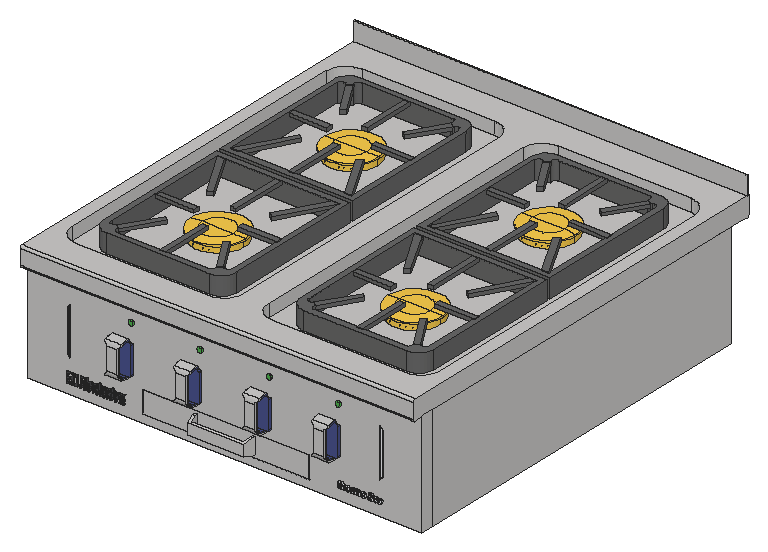
Revit family "QF_ELECTROLUXPROFESSIONAL_593106_MBGGBBHOVI", category Specialty Equipment, Revit 2014 (continued)
Definition of nested family "Therma_One_Burner_Long"
  Forms (mm)
    Extrusion 14, void
      sketch origin (135.834, 160.792, -885.234) x (0.642788, 0.766044, 0) y (0, 0, 1)
        loop
          circle (-213.495, 891.283) r 1
      from -67.69 to -35.114
    Extrusion 15, void
      sketch origin (102.889, 183.778, -885.234) x (0.48481, 0.87462, 0) y (0, 0, 1)
        loop
          circle (-213.495, 891.283) r 1
      from -67.69 to -35.114
    Extrusion 16, void
      sketch origin (66.163, 200.056, -885.234) x (0.309017, 0.951057, 0) y (0, 0, 1)
        loop
          circle (-213.495, 891.283) r 1
      from -67.69 to -35.114
    Extrusion 17, void
      sketch origin (-52.811, 204.011, -885.234) x (-0.258819, 0.965926, 0) y (0, 0, 1)
        loop
          circle (-213.495, 891.283) r 1
      from -67.69 to -35.114
    Extrusion 18, void
      sketch origin (-90.537, 190.209, -885.234) x (-0.438371, 0.898794, 0) y (0, 0, 1)
        loop
          circle (-213.495, 891.283) r 1
      from -67.69 to -35.114
    Extrusion 19, void
      sketch origin (-124.936, 169.461, -885.234) x (-0.601815, 0.798636, 0) y (0, 0, 1)
        loop
          circle (-213.495, 891.283) r 1
      from -67.69 to -35.114
    Extrusion 20, void
      sketch origin (-154.744, 142.531, -885.234) x (-0.743145, 0.669131, 0) y (0, 0, 1)
        loop
          circle (-213.495, 891.283) r 1
      from -67.69 to -35.114
    Extrusion 21, void
      sketch origin (-178.866, 110.408, -885.234) x (-0.857167, 0.515038, 0) y (0, 0, 1)
        loop
          circle (-213.495, 891.283) r 1
      from -67.69 to -35.114
    Extrusion 22, void
      sketch origin (-196.416, 74.272, -885.234) x (-0.939693, 0.34202, 0) y (0, 0, 1)
        loop
          circle (-213.495, 891.283) r 1
      from -67.69 to -35.114
    Extrusion 23, void
      sketch origin (-204.521, -44.491, -885.234) x (-0.97437, -0.224951, 0) y (0, 0, 1)
        loop
          circle (-213.495, 891.283) r 1
      from -67.69 to -35.114
    Extrusion 24, void
      sketch origin (-192.043, -82.676, -885.234) x (-0.913545, -0.406737, 0) y (0, 0, 1)
        loop
          circle (-213.495, 891.283) r 1
      from -67.69 to -35.114
    Extrusion 25, void
      sketch origin (-172.509, -117.778, -885.234) x (-0.819152, -0.573576, 0) y (0, 0, 1)
        loop
          circle (-213.495, 891.283) r 1
      from -67.69 to -35.114
    Extrusion 26, void
      sketch origin (-146.635, -148.508, -885.234) x (-0.694658, -0.71934, 0) y (0, 0, 1)
        loop
          circle (-213.495, 891.283) r 1
      from -67.69 to -35.114
    Extrusion 27, solid, material "QF_Finishes_Castiron"
      sketch origin (0, 0, 0) x (1, 0, 0) y (0, 1, 0)
        loop
          line (93.686, 143.758) -> (-91.582, 143.758)
          arc (-91.582, 143.758) -> (-98.762, 139.285) -> (-97.913, 130.868) r 8
          line (-97.913, 130.868) -> (-108.094, 124.558) -> (-108.936, 125.917)
          arc (-108.936, 125.917) -> (-117.602, 127.471) -> (-122.448, 120.119) r 8
          line (-122.448, 120.119) -> (-122.448, -151.019) -> (124.552, -151.019) -> (124.552, 120.119)
          arc (124.552, 120.119) -> (119.707, 127.471) -> (111.04, 125.917) r 8
          line (111.04, 125.917) -> (110.198, 124.558) -> (100.018, 130.868)
          arc (100.018, 130.868) -> (100.866, 139.285) -> (93.686, 143.758) r 8
        loop
          line (-133.948, -162.742) -> (136.052, -162.742) -> (136.052, 125.258)
          arc (136.052, 125.258) -> (127.265, 146.471) -> (106.052, 155.258) r 30
          line (106.052, 155.258) -> (-103.948, 155.258)
          arc (-103.948, 155.258) -> (-125.161, 146.471) -> (-133.948, 125.258) r 30
          line (-133.948, 125.258) -> (-133.948, -162.742)
      from 0 to 36.87
    Extrusion 28, solid, material "QF_Finishes_Castiron"
      sketch origin (0, 0, 0) x (1, 0, 0) y (0, 1, 0)
        loop
          line (-4.698, -35.742) -> (-4.698, -151.019) -> (6.802, -151.019) -> (6.802, -35.742) -> (-4.698, -35.742)
        loop
          line (-4.698, 35.758) -> (6.802, 35.758) -> (6.802, 143.758) -> (-4.698, 143.758) -> (-4.698, 35.758)
        loop
          line (-43.948, -2.992) -> (-43.948, 8.508) -> (-122.541, 8.508) -> (-122.541, -2.992) -> (-43.948, -2.992)
        loop
          line (-55.47, 61.908) -> (-97.913, 130.868) -> (-108.094, 124.558) -> (-64.98, 54.999) -> (-55.47, 61.908)
        loop
          line (-64.98, -49.483) -> (-122.541, -151.019) -> (-107.695, -151.019) -> (-55.47, -56.392) -> (-64.98, -49.483)
        loop
          line (46.052, -2.992) -> (124.645, -2.992) -> (124.645, 8.508) -> (46.052, 8.508) -> (46.052, -2.992)
        loop
          line (57.575, 61.908) -> (67.085, 54.999) -> (110.198, 124.558) -> (100.018, 130.868) -> (57.575, 61.908)
        loop
          line (67.085, -49.483) -> (57.575, -56.392) -> (109.799, -151.019) -> (124.645, -151.019) -> (67.085, -49.483)
      from 30 to 37
    Revolve 29, solid, material "QF_Finished_Brass"
      sketch origin (0, 2.758, -862.45) x (1, 0, 0) y (0, 0, 1)
        loop
          line (-51.221, 862.45) -> (1.052, 862.45) -> (1.052, 879.837) -> (-30.56, 879.837) -> (-53.965, 878.127) -> (-53.965, 875.327) -> (-51.221, 874.643) -> (-51.221, 862.45)
        axis (1.052, 862.45) -> (1.052, 879.837)
      angle from 0 to 360
  Cuts and joins
    Extrusion 1, Extrusion 2, Extrusion 3, Extrusion 4, Extrusion 5, Extrusion 6, Extrusion 7, Extrusion 8, Extrusion 9, Extrusion 10, Extrusion 11, Extrusion 12, Extrusion 13, Extrusion 14, Extrusion 15, Extrusion 16, Extrusion 17, Extrusion 18, Extrusion 19, Extrusion 20, Extrusion 21, Extrusion 22, Extrusion 23, Extrusion 24, Extrusion 25, Extrusion 26 cuts Revolve 29
  Lines and regions (mm)
    symbolic lines
      curve 1: arc (-5.814, 57.328, 0) -> (-38.234, 41.249, 0) -> (-53.646, 8.508, 0) r 55
      curve 2: arc (55.751, 8.508, 0) -> (40.338, 41.249, 0) -> (7.919, 57.328, 0) r 55
      curve 3: arc (7.919, -51.812, 0) -> (40.338, -35.734, 0) -> (55.751, -2.992, 0) r 55
      curve 4: arc (-53.646, -2.992, 0) -> (-38.234, -35.734, 0) -> (-5.814, -51.812, 0) r 55
      curve 5: arc (-103.948, 155.258, 0) -> (-125.161, 146.471, 0) -> (-133.948, 125.258, 0) r 30
      curve 6: line (106.052, 155.258, 0) -> (-103.948, 155.258, 0)
      curve 7: line (-133.948, 125.258, 0) -> (-133.948, -162.742, 0)
      curve 8: line (-122.448, 8.508, 0) -> (-122.448, 120.119, 0)
      curve 9: arc (-122.448, 120.119, 0) -> (-117.602, 127.471, 0) -> (-108.936, 125.917, 0) r 8
      curve 10: line (-108.936, 125.917, 0) -> (-64.98, 54.999, 0)
      curve 11: line (-64.98, 54.999, 0) -> (-55.47, 61.908, 0)
      curve 12: line (-55.47, 61.908, 0) -> (-97.913, 130.868, 0)
      curve 13: line (-91.582, 143.758, 0) -> (-4.698, 143.758, 0)
      curve 14: arc (-97.913, 130.868, 0) -> (-98.762, 139.285, 0) -> (-91.582, 143.758, 0) r 8
      curve 15: line (-4.698, 143.758, 0) -> (-4.698, 35.758, 0)
      curve 16: line (6.802, 35.758, 0) -> (6.802, 143.758, 0)
      curve 17: line (6.802, 143.758, 0) -> (93.686, 143.758, 0)
      curve 18: arc (93.686, 143.758, 0) -> (100.866, 139.285, 0) -> (100.018, 130.868, 0) r 8
      curve 19: line (100.018, 130.868, 0) -> (57.575, 61.908, 0)
      curve 20: line (57.575, 61.908, 0) -> (67.085, 54.999, 0)
      curve 21: line (67.085, 54.999, 0) -> (111.04, 125.917, 0)
      curve 22: arc (111.04, 125.917, 0) -> (119.707, 127.471, 0) -> (124.552, 120.119, 0) r 8
      curve 23: line (124.552, 120.119, 0) -> (124.552, 8.508, 0)
      curve 24: line (124.552, 8.508, 0) -> (46.052, 8.508, 0)
      curve 25: line (46.052, 8.508, 0) -> (46.052, -2.992, 0)
      curve 26: line (46.052, -2.992, 0) -> (124.645, -2.992, 0)
      curve 27: line (67.085, -49.483, 0) -> (57.575, -56.392, 0)
      curve 28: line (124.645, -151.019, 0) -> (67.085, -49.483, 0)
      curve 29: line (57.575, -56.392, 0) -> (109.799, -151.019, 0)
      curve 30: line (109.799, -151.019, 0) -> (6.802, -151.019, 0)
      curve 31: line (124.645, -2.992, 0) -> (124.645, -151.019, 0)
      curve 32: line (6.802, -151.019, 0) -> (6.802, -35.742, 0)
      curve 33: line (-4.698, -35.742, 0) -> (-4.698, -151.019, 0)
      curve 34: line (6.802, -35.742, 0) -> (-4.698, -35.742, 0)
      curve 35: line (-107.695, -151.019, 0) -> (-55.47, -56.392, 0)
      curve 36: line (-55.47, -56.392, 0) -> (-64.98, -49.483, 0)
      curve 37: line (-64.98, -49.483, 0) -> (-122.541, -151.019, 0)
      curve 38: line (-4.698, -151.019, 0) -> (-107.695, -151.019, 0)
      curve 39: line (-122.541, -151.019, 0) -> (-122.541, -2.992, 0)
      curve 40: line (-122.541, -2.992, 0) -> (-43.948, -2.992, 0)
      curve 41: line (-43.948, 8.508, 0) -> (-122.448, 8.508, 0)
      curve 42: line (-43.948, -2.992, 0) -> (-43.948, 8.508, 0)
      curve 43: line (-4.698, 35.758, 0) -> (6.802, 35.758, 0)
      curve 44: arc (136.052, 125.258, 0) -> (127.265, 146.471, 0) -> (106.052, 155.258, 0) r 30
      curve 45: line (136.052, -162.742, 0) -> (136.052, 125.258, 0)
      curve 46: line (-133.948, -162.742, 0) -> (136.052, -162.742, 0)
  Dimensions and locks
    plane 5 to plane 4 = 270 mm
    plane 4 to plane 5 = 270 mm
    equal spacing: plane 4, plane 3 "Center (Left/Right)", plane 5
    plane 9 to plane 8 = 318 mm
  Automatic sketch dimensions
    curve 1 to curve 2 = 0 mm  (x2)
    curve 1 to curve 3 = 0 mm  (x2)
    curve 1 to curve 4 = 0 mm  (x2)
    curve 2 to curve 3 = 0 mm  (x2)
    curve 2 to curve 4 = 0 mm  (x2)
    curve 3 to curve 4 = 0 mm  (x2)
    curve 5 to plane 4 = 0 mm
    plane 8 to curve 6 = 0 mm
    plane 1 "Center (Front/Back)" to curve 2 = 0 mm
    curve 2 to plane 3 "Center (Left/Right)" = 0 mm
    curve 45 to plane 5 = 0 mm
    curve 46 to plane 9 = 0 mm
    plane 4 to curve 39 = 11.407 mm
    curve 41 to plane 1 "Center (Front/Back)" = 5.75 mm
    plane 4 to curve 41 = 11.5 mm
    curve 8 to curve 9 = 8 mm
    curve 9 to curve 10 = 5.512 mm
    curve 37 to curve 38 = 14.846 mm
    curve 10 to curve 5 = 4.988 mm
    plane 8 to curve 12 = 24.39 mm
    curve 5 to curve 12 = 6.034 mm
    curve 12 to curve 13 = 6.332 mm
    curve 10 to plane 3 "Center (Left/Right)" = 66.032 mm
    curve 36 to plane 3 "Center (Left/Right)" = 66.032 mm
    curve 10 to curve 11 = 9.51 mm
    curve 36 to curve 36 = 9.51 mm
    plane 1 "Center (Front/Back)" to curve 40 = 5.75 mm
    curve 40 to plane 3 "Center (Left/Right)" = 45 mm
    curve 38 to plane 3 "Center (Left/Right)" = 5.75 mm
    curve 13 to plane 3 "Center (Left/Right)" = 5.75 mm
    plane 3 "Center (Left/Right)" to curve 32 = 5.75 mm
    plane 3 "Center (Left/Right)" to curve 43 = 5.75 mm
    plane 1 "Center (Front/Back)" to curve 25 = 5.75 mm
    plane 3 "Center (Left/Right)" to curve 25 = 45 mm
    curve 25 to curve 29 = 11.522 mm
    curve 24 to curve 19 = 11.522 mm
    curve 19 to curve 20 = 9.51 mm
    curve 27 to curve 28 = 9.51 mm
    plane 8 to curve 18 = 19.5 mm
    curve 18 to plane 5 = 42.366 mm
    curve 18 to curve 19 = 6.332 mm
    curve 17 to curve 6 = 12.366 mm
    plane 9 to curve 29 = 11.724 mm
    curve 29 to plane 5 = 26.253 mm
    curve 44 to curve 21 = 4.988 mm
    curve 21 to curve 22 = 5.512 mm
    curve 22 to curve 23 = 8 mm
    curve 31 to plane 5 = 11.407 mm
    plane 9 to curve 28 = 11.724 mm
    plane 9 to curve 37 = 11.724 mm
    curve 38 to curve 30 = 0 mm
    curve 29 to curve 3 = 53.4 mm
    curve 35 to curve 4 = 53.4 mm
    curve 27 to curve 28 = 6.909 mm
    curve 35 to curve 37 = 6.909 mm
    plane 1 "Center (Front/Back)" to curve 33 = 38.5 mm
    curve 24 to plane 1 "Center (Front/Back)" = 5.75 mm
    curve 15 to plane 1 "Center (Front/Back)" = 33 mm
    curve 2 to curve 21 = 46.491 mm
    curve 1 to curve 10 = 46.491 mm
    curve 10 to curve 11 = 6.909 mm
    curve 20 to curve 20 = 6.909 mm
    curve 8 to curve 5 = 5.139 mm
    curve 22 to curve 44 = 5.139 mm
    curve 19 to curve 18 = 4.89 mm
    curve 12 to curve 14 = 4.89 mm
    curve 1 to curve 41 = 9.699 mm
    curve 4 to curve 40 = 9.699 mm
    curve 1 to plane 3 "Center (Left/Right)" = 6.867 mm
    curve 4 to plane 3 "Center (Left/Right)" = 6.867 mm
    plane 3 "Center (Left/Right)" to curve 2 = 6.867 mm
    plane 3 "Center (Left/Right)" to curve 3 = 6.867 mm
    curve 25 to curve 3 = 9.699 mm
    curve 24 to curve 2 = 9.699 mm
    level to Extrusion 1 sketch curve = 6.05 mm
    level to Extrusion 2 sketch curve = 6.05 mm
    level to Extrusion 3 sketch curve = 6.05 mm
    level to Extrusion 4 sketch curve = 6.05 mm
    level to Extrusion 5 sketch curve = 6.05 mm
    level to Extrusion 6 sketch curve = 6.05 mm
    level to Extrusion 7 sketch curve = 6.05 mm
    level to Extrusion 8 sketch curve = 6.05 mm
    level to Extrusion 9 sketch curve = 6.05 mm
    level to Extrusion 10 sketch curve = 6.05 mm
    level to Extrusion 11 sketch curve = 6.05 mm
    level to Extrusion 12 sketch curve = 6.05 mm
    level to Extrusion 13 sketch curve = 6.05 mm
    level to Extrusion 14 sketch curve = 6.05 mm
    level to Extrusion 15 sketch curve = 6.05 mm
    level to Extrusion 16 sketch curve = 6.05 mm
    level to Extrusion 17 sketch curve = 6.05 mm
    level to Extrusion 18 sketch curve = 6.05 mm
    level to Extrusion 19 sketch curve = 6.05 mm
    level to Extrusion 20 sketch curve = 6.05 mm
    level to Extrusion 21 sketch curve = 6.05 mm
    level to Extrusion 22 sketch curve = 6.05 mm
    level to Extrusion 23 sketch curve = 6.05 mm
    level to Extrusion 24 sketch curve = 6.05 mm
    level to Extrusion 25 sketch curve = 6.05 mm
    level to Extrusion 26 sketch curve = 6.05 mm
    Extrusion 27 sketch curve to plane 4 = 0 mm
    plane 8 to Extrusion 27 sketch curve = 0 mm
    Extrusion 27 sketch curve to plane 5 = 0 mm
    Extrusion 27 sketch curve to plane 9 = 0 mm
    plane 4 to Extrusion 27 sketch curve = 11.5 mm
    Extrusion 27 sketch curve to Extrusion 27 sketch curve = 8 mm
    Extrusion 27 sketch curve to Extrusion 27 sketch curve = 5.512 mm
    Extrusion 27 sketch curve to Extrusion 27 sketch curve = 0.842 mm  (x2)
    Extrusion 27 sketch curve to Extrusion 27 sketch curve = 4.988 mm
    Extrusion 27 sketch curve to Extrusion 27 sketch curve = 6.034 mm  (x2)
    plane 8 to Extrusion 27 sketch curve = 11.5 mm
    Extrusion 27 sketch curve to Extrusion 27 sketch curve = 6.332 mm  (x2)
    Extrusion 27 sketch curve to plane 5 = 42.366 mm
    Extrusion 27 sketch curve to Extrusion 27 sketch curve = 4.146 mm
    Extrusion 27 sketch curve to Extrusion 27 sketch curve = 6.354 mm
    Extrusion 27 sketch curve to plane 5 = 11.5 mm
    plane 9 to Extrusion 27 sketch curve = 11.724 mm
    Extrusion 27 sketch curve to Extrusion 27 sketch curve = 5.139 mm  (x2)
    Extrusion 27 sketch curve to Extrusion 27 sketch curve = 1.359 mm  (x2)
    plane 4 to Extrusion 28 sketch curve = 11.407 mm  (x2)
    plane 4 to Extrusion 28 sketch curve = 25.854 mm
    Extrusion 28 sketch curve to Extrusion 28 sketch curve = 14.846 mm
    plane 8 to Extrusion 28 sketch curve = 24.39 mm  (x2)
    Extrusion 28 sketch curve to Extrusion 28 sketch curve = 10.18 mm  (x2)
    Extrusion 28 sketch curve to plane 3 "Center (Left/Right)" = 66.032 mm  (x2)
    Extrusion 28 sketch curve to Extrusion 28 sketch curve = 9.51 mm  (x4)
    plane 1 "Center (Front/Back)" to Extrusion 28 sketch curve = 5.75 mm  (x2)
    Extrusion 28 sketch curve to plane 3 "Center (Left/Right)" = 45 mm
    Extrusion 28 sketch curve to plane 3 "Center (Left/Right)" = 5.75 mm  (x2)
    plane 3 "Center (Left/Right)" to Extrusion 28 sketch curve = 5.75 mm  (x2)
    plane 3 "Center (Left/Right)" to Extrusion 28 sketch curve = 45 mm
    Extrusion 28 sketch curve to Extrusion 28 sketch curve = 11.522 mm  (x2)
    Extrusion 28 sketch curve to plane 5 = 36.034 mm
    plane 9 to Extrusion 28 sketch curve = 11.724 mm  (x3)
    Extrusion 28 sketch curve to plane 5 = 26.253 mm
    Extrusion 28 sketch curve to plane 5 = 11.407 mm  (x2)
    Extrusion 28 sketch curve to Extrusion 28 sketch curve = 53.4 mm  (x2)
    Extrusion 28 sketch curve to Extrusion 28 sketch curve = 6.909 mm  (x4)
    plane 1 "Center (Front/Back)" to Extrusion 28 sketch curve = 38.5 mm
    Extrusion 28 sketch curve to plane 1 "Center (Front/Back)" = 5.75 mm  (x2)
    Extrusion 28 sketch curve to plane 1 "Center (Front/Back)" = 33 mm
    Extrusion 28 sketch curve to Extrusion 28 sketch curve = 46.491 mm  (x2)
    plane 8 to Extrusion 28 sketch curve = 11.5 mm
    Revolve 29 sketch curve to plane 5 = 190.017 mm
    Revolve 29 sketch curve to level = 0 mm  (x2)
    Revolve 29 sketch curve to plane 5 = 187.273 mm
    Revolve 29 sketch curve to Revolve 29 sketch curve = 20.661 mm
    Revolve 29 sketch curve to Revolve 29 sketch curve = 31.612 mm
    Revolve 29 sketch curve to Revolve 29 sketch curve = 12.194 mm
    Revolve 29 sketch curve to Revolve 29 sketch curve = 0.684 mm
    Revolve 29 sketch curve to Revolve 29 sketch curve = 2.8 mm
    level to Revolve 29 sketch curve = 17.388 mm
    Revolve 29 sketch curve to Revolve 29 sketch curve = 0 mm
    Revolve 29 sketch curve to Revolve 29 sketch curve = 67.612 mm
    radius of Extrusion 1 sketch curve = 1 mm
    radius of Extrusion 2 sketch curve = 1 mm
    radius of Extrusion 3 sketch curve = 1 mm
    radius of Extrusion 4 sketch curve = 1 mm
    radius of Extrusion 5 sketch curve = 1 mm
    radius of Extrusion 6 sketch curve = 1 mm
    radius of Extrusion 7 sketch curve = 1 mm
    radius of Extrusion 8 sketch curve = 1 mm
    radius of Extrusion 9 sketch curve = 1 mm
    radius of Extrusion 10 sketch curve = 1 mm
    radius of Extrusion 11 sketch curve = 1 mm
    radius of Extrusion 12 sketch curve = 1 mm
    radius of Extrusion 13 sketch curve = 1 mm
    radius of Extrusion 14 sketch curve = 1 mm
    radius of Extrusion 15 sketch curve = 1 mm
    radius of Extrusion 16 sketch curve = 1 mm
    radius of Extrusion 17 sketch curve = 1 mm
    radius of Extrusion 18 sketch curve = 1 mm
    radius of Extrusion 19 sketch curve = 1 mm
    radius of Extrusion 20 sketch curve = 1 mm
    radius of Extrusion 21 sketch curve = 1 mm
    radius of Extrusion 22 sketch curve = 1 mm
    radius of Extrusion 23 sketch curve = 1 mm
    radius of Extrusion 24 sketch curve = 1 mm
    radius of Extrusion 25 sketch curve = 1 mm
    radius of Extrusion 26 sketch curve = 1 mm
